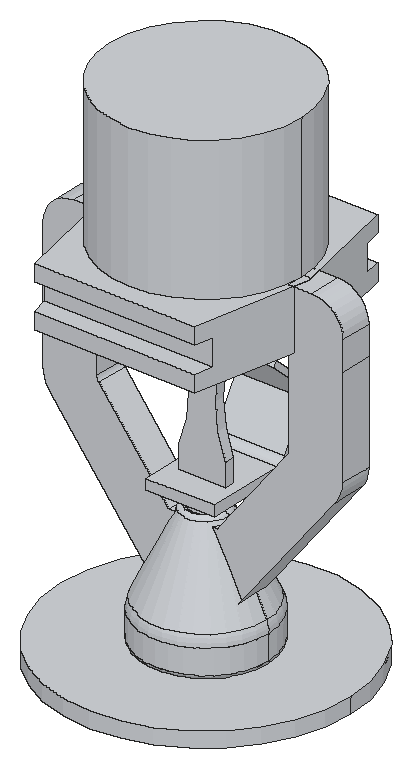
Revit family
Parameters (values of type "RASCO JL-17 ESFR")
  Temperature Rating = 165 °F
  Response = 1
  RASCO SIN # = "RA1914"
  RASCO Part # = "JL171B"
  Pressure Rating = "175 PSI"
  Pressure Class = (empty or 0)
  Orifice Size = 3/4"
  Orifice = (empty or 0)
  Model = "JL-17"
  Manufacturer = "RASCO"
  K-Factor = 16.8
  Description = "BRONZE FINISH"
  Coverage = (empty or 0)
Reference planes (in)
  plane 1 "Center (Front/Back)": y = 0
  plane 2: z = 0
  plane 3 "Center (Left/Right)": x = 0
Nested families (in)
  nested 1: "JL171B" at (-0.00014, 0.43617, 2.99969) x (-1, 0, 0) z (0, 0, -1), type "RASCO JL-17 ESFR"
Connectors (in)
  piping at (-0.00014, 0.43617, 2.99969)
    settings: on nested 1, index 1, connector radius 1/2", flow factor 0, pipe flow 0 GPM, pressure drop 0.00 psi, fitting loss kfactor 0, connector angle 0.00°, fixture units 0, flow configuration 0, flow direction 0, fitting loss method 0, system type 7, connector reference index -1, connector utility 0, adjustable connector no, is connector primary yes, fitting loss table "", connector description ""
Definition of nested family "JL171B"
  Parameters (values of type "RASCO JL-17 ESFR")
    Type Comments = ""
    Temperature Rating = 0 °F
    Response = (empty or 0)
    Pressure Rating = "0"
    Pressure Class = (empty or 0)
    Orifice Size = 0"
    Orifice = (empty or 0)
    Model = ""
    Manufacturer = ""
    K-Factor = 0
    Description = ""
    Coverage = (empty or 0)
    Assembly Code = ""
  Reference planes (in)
    plane 1 "Center (Front/Back)": y = 0
    plane 2: z = 0
    plane 3 "REF.1": z = 0.773
    plane 4 "top": z = 2.8125
    plane 5: x = -0.81624
    plane 6: x = 0.81332
    plane 7 "ref.2": z = 2.098
    plane 8 "head": z = 2.72724
    plane 9 "left/right center": x = 0
    plane 10 "screw": z = 1.98251
    plane 11 "link2": through (0, -0.02489, 1.21079) normal (0, 0.6767, -0.7363)
  Forms (in)
    Extrusion 1, solid
      sketch origin (0, 0, 0) x (1, 0, 0) y (0, 1, 0)
        loop
          circle (0, 0) r 0.5221
      from 0 to 0.773
    Extrusion 2, solid
      sketch origin (0, 0, 0.773) x (-1, 0, 0) y (0, -1, 0)
        loop
          line (-0.43619, -0.62052) -> (0.4375, -0.62052) -> (0.56391, 0) -> (0.4375, 0.62052) -> (-0.43619, 0.62052) -> (-0.56259, 0) -> (-0.43619, -0.62052)
      from 0 to 0.325
    Extrusion 3, void
      sketch origin (0, 0, 0) x (1, 0, 0) y (0, 0, 1)
        loop
          line (-0.56391, 1.00774) -> (-0.56391, 0.86298) -> (0.56259, 0.86298) -> (0.56259, 1.00774) -> (-0.56391, 1.00774)
      from 0.52148 to 0.62052
    Extrusion 4, solid
      sketch origin (0, 0, 0) x (1, 0, 0) y (0, 0, 1)
        loop
          line (-0.5221, 0.773) -> (-0.5221, 1.098) -> (-0.5221, 1.58091)
          arc (-0.5221, 1.58091) -> (-0.5194, 1.59708) -> (-0.51161, 1.61149) r 0.04979
          line (-0.51161, 1.61149) -> (-0.13316, 2.098) -> (-0.00066, 2.098) -> (0.13184, 2.098) -> (0.5115, 1.61158)
          arc (0.5115, 1.61158) -> (0.51938, 1.59706) -> (0.5221, 1.58077) r 0.05007
          line (0.5221, 1.58077) -> (0.5221, 1.098) -> (0.5221, 0.773) -> (0.64763, 0.773)
          arc (0.64763, 0.773) -> (0.76676, 0.82234) -> (0.8161, 0.94147) r 0.16847
          line (0.8161, 0.94147) -> (0.8161, 1.098) -> (0.8161, 1.63725)
          arc (0.8161, 1.63725) -> (0.80631, 1.69579) -> (0.77801, 1.74796) r 0.17993
          line (0.77801, 1.74796) -> (0.18552, 2.50706) -> (-0.18743, 2.50706) -> (-0.77818, 1.74764)
          arc (-0.77818, 1.74764) -> (-0.80636, 1.69554) -> (-0.8161, 1.63712) r 0.18
          line (-0.8161, 1.63712) -> (-0.8161, 1.098) -> (-0.8161, 0.94094)
          arc (-0.8161, 0.94094) -> (-0.76691, 0.82219) -> (-0.64816, 0.773) r 0.16794
          line (-0.64816, 0.773) -> (-0.5221, 0.773)
      from -0.08649 to 0.08732
    Extrusion 5, void
      sketch origin (0.00728, 1.142, 0) x (1, 0, 0) y (0, 0, 1)
        loop
          line (-0.56391, 1.00774) -> (-0.56391, 0.86298) -> (0.56259, 0.86298) -> (0.56259, 1.00774) -> (-0.56391, 1.00774)
      from 0.52148 to 0.62052
    Revolve 6, solid
      sketch origin (0, 0, 0) x (1, 0, 0) y (0, 0, 1)
        loop
          line (-0.00066, 2.72754) -> (-0.32516, 2.72754)
          arc (-0.32516, 2.72754) -> (-0.339, 2.72181) -> (-0.34473, 2.70797) r 0.01957
          line (-0.34473, 2.70797) -> (-0.34473, 2.57443)
          arc (-0.34473, 2.57443) -> (-0.34132, 2.5437) -> (-0.33127, 2.51445) r 0.14031
          line (-0.33127, 2.51445) -> (-0.12582, 2.07995)
          arc (-0.12582, 2.07995) -> (-0.11591, 2.06775) -> (-0.10088, 2.06316) r 0.02692
          line (-0.10088, 2.06316) -> (-0.00066, 2.06316) -> (-0.00066, 2.72754)
        axis (-0.00066, 2.72754) -> (-0.00066, 2.06316)
      angle from 0 to 360
    Extrusion 7, solid
      sketch origin (0, 0, 0) x (1, 0, 0) y (0, 0, 1)
        loop
          line (-0.00066, 1.098) -> (0.12634, 1.098) -> (0.12634, 1.25094)
          arc (0.12634, 1.25094) -> (0.07205, 1.52876) -> (0.12634, 1.80659) r 0.738
          line (0.12634, 1.80659) -> (0.12634, 1.9285) -> (-0.12716, 1.9285) -> (-0.12716, 1.80659)
          arc (-0.12716, 1.80659) -> (-0.07288, 1.52876) -> (-0.12716, 1.25094) r 0.73821
          line (-0.12716, 1.25094) -> (-0.12716, 1.098) -> (-0.00066, 1.098)
      from -0.02698 to 0.02489
    Extrusion 8, solid
      sketch origin (0, 0, 0) x (0, 0, -1) y (0, -1, 0)
        loop
          line (-1.92851, 0.17394) -> (-1.98251, 0.17394) -> (-1.98251, -0.23992)
          arc (-1.98251, -0.23992) -> (-1.96437, -0.3088) -> (-1.91467, -0.35983) r 0.13989
          line (-1.91467, -0.35983) -> (-1.70246, -0.48734)
          arc (-1.70246, -0.48734) -> (-1.69224, -0.50115) -> (-1.69478, -0.51815) r 0.02246
          line (-1.69478, -0.51815) -> (-1.72641, -0.57081) -> (-1.68013, -0.59862) -> (-1.63469, -0.52299)
          arc (-1.63469, -0.52299) -> (-1.62907, -0.4854) -> (-1.65167, -0.45485) r 0.04966
          line (-1.65167, -0.45485) -> (-1.89842, -0.30659)
          arc (-1.89842, -0.30659) -> (-1.92047, -0.28396) -> (-1.92851, -0.25341) r 0.06204
          line (-1.92851, -0.25341) -> (-1.92851, 0.17394)
      from -0.18664 to 0.18723
    Extrusion 9, solid
      sketch origin (0, 0, 1.98251) x (-1, 0, 0) y (0, -1, 0)
        loop
          circle (0, 0) r 0.087
      from 0 to 0.0806
    Extrusion 10, solid
      sketch origin (0, -0.61464, 0.66881) x (0, -0.736298, -0.676658) y (-1, 0, 0)
        loop
          line (-0.69009, 0.00066) -> (-0.69009, 0.24966) -> (-0.83009, 0.38966) -> (-1.45483, 0.38966) -> (-1.59483, 0.24966) -> (-1.59483, -0.24834) -> (-1.45483, -0.38834) -> (-0.83009, -0.38834) -> (-0.69009, -0.24834) -> (-0.69009, 0.00066)
      from -0.02887 to 0
    Extrusion 11, solid
      sketch origin (0, 0, 2.72724) x (-1, 0, 0) y (0, -1, 0)
        loop
          circle (0, 0) r 0.789
      from 0 to 0.08526
    Extrusion 12, solid
      sketch origin (0, 0, 2.8125) x (-1, 0, 0) y (0, -1, 0)
        loop
          circle (0, 0) r 0.25
      from 0 to 0.18719
  Cuts and joins
    Extrusion 3, Extrusion 5 cuts Extrusion 2
  Dimensions and locks (in)
    Extrusion 12 to level = 0' - 2.99969"
